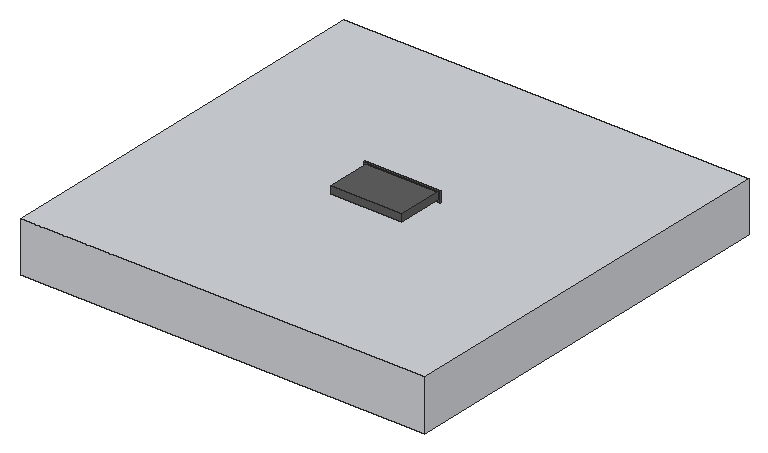
Revit family "r2016_omelta_ariya-ts-br-rm-2-120", category Устройства вызова и оповещения, Revit 2016
Family settings
  Основа = Грань
  Сохранять ориентацию аннотаций = Да
  Тип детали = Нормальный
  Размер круглого соединителя = Использовать диаметр
  При загрузке вырезать с полостями = Нет
  Общий = Нет
  Точка расчета площади = Нет
Parameters (values of type "АРИЯ-ТС-БР-РМ-2-120")
  Стоимость = 0
  Разработано [instance] = "«support@bimlib.ru»"  # constant formula
  Default Elevation = 2600 mm
  Изготовитель = "ООО «Электротехника и Автоматика»"  # constant formula
  Z [instance] = 1000 mm
  Y [instance] = 1100 mm
  X [instance] = 1000 mm
  URL = "https://omelta.com/store/81-ariya_bro_rm/"
  ADSK_Этаж [instance] = ""
  ADSK_Ток = 1.82 A
  ADSK_Примечание [instance] = ""
  ADSK_Позиция [instance] = ""
  ADSK_Обозначение [instance] = "АРИЯ-ТС-БР-РМ-2-120"
  ADSK_Номинальная мощность = ADSK_Напряжение * ADSK_Ток  # 400.4 VA
  ADSK_Напряжение = 220 V
  ADSK_Наименование [instance] = "Блок расширения, IP 40"
  ADSK_Масса [instance] = 3.75
  ADSK_Марка [instance] = ADSK_Обозначение  # "АРИЯ-ТС-БР-РМ-2-120"
  ADSK_Коэффициент мощности = 0
  ADSK_Код изделия [instance] = "ТУ 4372-015-49518441-15"
  ADSK_Классификация нагрузок = none
  ADSK_Завод-изготовитель [instance] = "ООО «Электротехника и Автоматика»"  # constant formula
  ADSK_Единица измерения = "шт."
Reference planes
  plane 1 "По центру (Вперед/Назад)": y = 0
  plane 2: z = 0
  plane 3 "По центру (Влево/Вправо)": x = 0
  plane 4: z = -1000
  plane 5: x = 1000
  plane 6: y = 1000
Forms (mm)
  Extrusion 1, solid
    sketch origin (0, 0, 0) x (1, 0, 0) y (0, 1, 0)
      loop
        line (-1219.2, 1219.2) -> (-1219.2, -1219.2) -> (1219.2, -1219.2) -> (1219.2, 1219.2) -> (-1219.2, 1219.2)
    from 0 to -304.8
  Extrusion 2, solid, material "По умолчанию", detail levels medium+fine
    sketch origin (0, 282.697, -153.3) x (0, 1, 0) y (0, 0, 1)
      loop
        line (-148.197, 206.3) -> (-420.197, 206.3) -> (-420.197, 161.3) -> (-148.197, 161.3) -> (-148.197, 206.3)
    from -215 to 215
  Extrusion 3, solid, material "По умолчанию", not visible, detail levels medium+fine
    sketch origin (0, 0, -26) x (0, 1, 0) y (0, 0, 1)
      loop
        line (-148.197, 206.3) -> (-420.197, 206.3) -> (-420.197, 161.3) -> (-148.197, 161.3) -> (-148.197, 206.3)
    from -215 to 215
  Extrusion 4, solid, material "По умолчанию", detail levels fine
    sketch origin (0, 0, -27) x (1, 0, 0) y (0, 0, 1)
      loop
        line (-230, 27) -> (230, 27) -> (230, 88) -> (-230, 88) -> (-230, 27)
    from -134.5 to -137.485
  Extrusion 5, solid, material "По умолчанию", not visible, detail levels fine
    sketch origin (0, -282.697, 100.3) x (1, 0, 0) y (0, 0, 1)
      loop
        line (-230, 27) -> (230, 27) -> (230, 88) -> (-230, 88) -> (-230, 27)
    from -134.5 to -137.485
Lines and regions (mm)
  model lines, detail levels coarse
    curve 1: line (79.962, 0, 200) -> (-79.962, 0, 200)
    curve 2: line (-34, 0, 100) -> (34, 0, 100)
    curve 12: line (-79.962, 0, 200) -> (-79.962, 0, 100)
    curve 13: line (79.962, 0, 200) -> (79.962, 0, 100)
    curve 14: line (-79.962, 0, 150) -> (79.962, 0, 150)
    curve 15: line (-79.962, 0, 145) -> (79.962, 0, 145)
    curve 16: line (-79.962, 0, 140) -> (79.962, 0, 140)
    curve 17: line (-79.962, 0, 135) -> (79.962, 0, 135)
    curve 18: line (-79.962, 0, 130) -> (79.962, 0, 130)
    curve 19: line (-79.962, 0, 125) -> (79.962, 0, 125)
    curve 20: line (-79.962, 0, 120) -> (79.962, 0, 120)
    curve 21: line (-79.962, 0, 115) -> (79.962, 0, 115)
    curve 22: line (-79.962, 0, 110) -> (79.962, 0, 110)
    curve 23: line (-79.962, 0, 105) -> (79.962, 0, 105)
    curve 24: line (-79.962, 0, 100) -> (79.962, 0, 100)
  model lines, not visible, detail levels coarse
    curve 3: line (79.962, 0, 293.803) -> (-79.962, 0, 293.803)
    curve 4: line (-34, 0, 193.803) -> (34, 0, 193.803)
    curve 25: line (-79.962, 0, 293.803) -> (-79.962, 0, 193.803)
    curve 26: line (79.962, 0, 293.803) -> (79.962, 0, 193.803)
    curve 27: line (-79.962, 0, 243.803) -> (79.962, 0, 243.803)
    curve 28: line (-79.962, 0, 238.803) -> (79.962, 0, 238.803)
    curve 29: line (-79.962, 0, 233.803) -> (79.962, 0, 233.803)
    curve 30: line (-79.962, 0, 228.803) -> (79.962, 0, 228.803)
    curve 31: line (-79.962, 0, 223.803) -> (79.962, 0, 223.803)
    curve 32: line (-79.962, 0, 218.803) -> (79.962, 0, 218.803)
    curve 33: line (-79.962, 0, 213.803) -> (79.962, 0, 213.803)
    curve 34: line (-79.962, 0, 208.803) -> (79.962, 0, 208.803)
    curve 35: line (-79.962, 0, 203.803) -> (79.962, 0, 203.803)
    curve 36: line (-79.962, 0, 198.803) -> (79.962, 0, 198.803)
    curve 37: line (-79.962, 0, 193.803) -> (79.962, 0, 193.803)
  model lines, style "InvisibleLines", detail levels coarse
    curve 5: line (79.962, 0, 100) -> (-79.962, 0, 100)
    curve 6: line (0, 0, 163.197) -> (0, 0, 100)
  model lines, style "InvisibleLines", not visible, detail levels coarse
    curve 7: line (79.962, 0, 193.803) -> (-79.962, 0, 193.803)
    curve 8: line (0, 0, 257) -> (0, 0, 193.803)
  reference lines
    curve 9: line (34, 0, 100) -> (-41, 0, 100)
    curve 10: line (0, 0, 100) -> (0, 0, 175)
    curve 11: line (83.147, 0, 34.666) -> (-101.853, 0, 34.666)
Dimensions and locks
  "Y": curve 9 to plane 4
  "X": plane 5 to curve 10
  "Z": curve 11 to plane 6
  aligned and locked: plane 2 to Extrusion 1
  aligned and locked: level to Extrusion 1
  aligned and locked: curve 5 to curve 2
  aligned and locked: curve 7 to curve 4
  aligned and locked: curve 5 to curve 9
  aligned and locked: curve 10 to curve 6
  aligned and locked: curve 11 to curve 2
Automatic sketch dimensions
  Extrusion 1 sketch curve to Extrusion 1 sketch curve = 2438.4 mm  (x2)
  Extrusion 2 sketch curve to Extrusion 2 sketch curve = 272 mm
  Extrusion 2 sketch curve to Extrusion 2 sketch curve = 45 mm
  Extrusion 4 sketch curve to Extrusion 4 sketch curve = 460 mm
  Extrusion 4 sketch curve to Extrusion 4 sketch curve = 61 mm
  Extrusion 3 sketch curve to Extrusion 3 sketch curve = 272 mm
  Extrusion 3 sketch curve to Extrusion 3 sketch curve = 45 mm
  Extrusion 5 sketch curve to Extrusion 5 sketch curve = 460 mm
  Extrusion 5 sketch curve to Extrusion 5 sketch curve = 61 mm
  curve 1 to curve 2 = 45.962 mm
  curve 2 to curve 2 = 68 mm
  curve 2 to curve 1 = 45.962 mm
  curve 2 to curve 1 = 100 mm
  curve 5 to curve 5 = 159.924 mm
  curve 6 to curve 14 = 79.962 mm
  curve 5 to curve 23 = 5 mm
  curve 23 to curve 22 = 5 mm
  curve 22 to curve 21 = 5 mm
  curve 21 to curve 20 = 5 mm
  curve 20 to curve 19 = 5 mm
  curve 19 to curve 18 = 5 mm
  curve 18 to curve 17 = 5 mm
  curve 17 to curve 16 = 5 mm
  curve 16 to curve 15 = 5 mm
  curve 15 to curve 14 = 5 mm
  curve 6 to curve 6 = 63.197 mm
  curve 14 to curve 12 = 50 mm
  curve 14 to curve 13 = 50 mm
  curve 3 to curve 4 = 45.962 mm
  curve 4 to curve 4 = 68 mm
  curve 4 to curve 3 = 45.962 mm
  curve 4 to curve 3 = 100 mm
  curve 7 to curve 7 = 159.924 mm
  curve 8 to curve 27 = 79.962 mm
  curve 7 to curve 36 = 5 mm
  curve 36 to curve 35 = 5 mm
  curve 35 to curve 34 = 5 mm
  curve 34 to curve 33 = 5 mm
  curve 33 to curve 32 = 5 mm
  curve 32 to curve 31 = 5 mm
  curve 31 to curve 30 = 5 mm
  curve 30 to curve 29 = 5 mm
  curve 29 to curve 28 = 5 mm
  curve 28 to curve 27 = 5 mm
  curve 8 to curve 8 = 63.197 mm
  curve 27 to curve 25 = 50 mm
  curve 27 to curve 26 = 50 mm
  curve 11 to plane 3 "По центру (Влево/Вправо)" = 101.853 mm
  plane 3 "По центру (Влево/Вправо)" to curve 11 = 83.147 mm
  curve 9 to curve 10 = 41 mm
  plane 3 "По центру (Влево/Вправо)" to curve 9 = 34 mm
  curve 10 to curve 10 = 75 mm
Connectors
  electrical at (0, -1.5, 8)
    settings: on Extrusion 2, index 1, voltage 0 V, apparent load 0 VA, apparent load phase1 0 VA, apparent load phase2 0 VA, apparent load phase3 0 VA, power factor 1, load classification "Прочее", number of poles 1, system type 12, power factor state 1, is connector primary yes, connector utility yes, sub classification motor no, connector description ""
